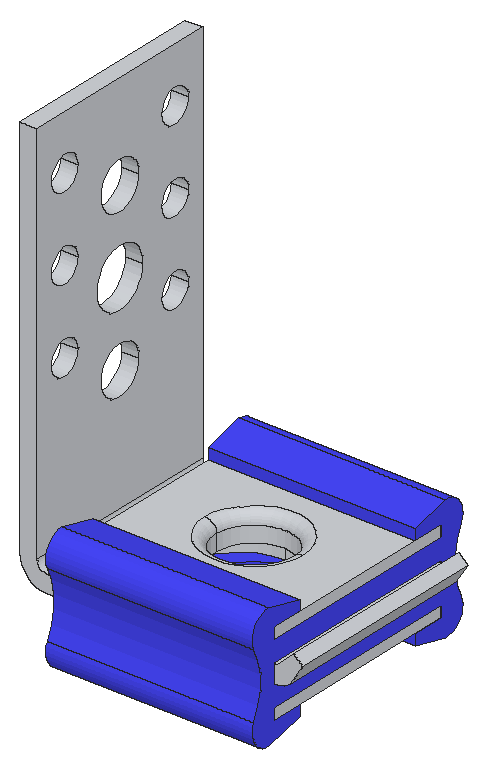
Revit family "Kanalhalter L", category Allgemeines Modell, Revit 2017
Family settings
  Kann Basisbauteil für Bewehrung sein = Nein
  Bemaßung runder Anschluss = Durchmesser verwenden
  Teiletyp = Normal
  Arbeitsebenenbasiert = Ja
  Immer vertikal = Nein
  Beim Laden mit Abzugskörper schneiden = Nein
  Gemeinsam genutzt = Ja
  Raumberechnungspunkt = Nein
Parameters (values of type "Kanalhalter L")
  vpe = "50 St"
  max. zul. Last stehend = 5.00 kN
  max. zul. Last hängend = 0.70 kN
  max. Temperaturbeständigkeit = "100 °C"
  Default Elevation = 1219.2 mm
  Stärke Material = 2.5 mm
  Schalldämmeinlage = "Gummi EPDM"
  Regelhalter [instance] = ""
  Mengeneinheit = "St"
  Länge = 41 mm
  Kurztext2 = "Höhe 60 mm Gummi gesteckt"
  Kurztext1 = "Kanalhalter L"
  Höhe = "60 mm"
  Gewicht pro Bauteil = Gewicht  # 0.0792 kg
  Gewicht = 0.0792 kg
  Firma = "MEFA Befestigungs- und Montagesysteme GmbH"
  Fabrikat = "MEFA"
  EAN = "4250928414977"
  Dämmelementtyp = "gesteckt"
  Breite Material = "30 mm"
  Bauart = "L"
  Ausführung = "leicht"
  Artikelnummer = "05900200"
  Anschluss = "M8/M10"
Reference planes
  plane 1 "Mitte (Vorne/hinten)": y = 0
  plane 2: z = 0
  plane 3 "Mitte (Links/rechts)": x = 0
Dimensions and locks
  aligned and locked: level to plane 2
Nested families
  nested 1: "Kanalhalterwinkel L" at (0, 0, 0), type "MEFA Kanalhalterwinkel L (9000617)"
  nested 2: "Gummipuffer 30x30x15" at (22, 0, 1.25) x (0, 1, 0) z (1, 0, 0), type "Gummipuffer 30x30x15"
  nested 3: "Teller für Kanalhalter" at (22, 0, 3.25) x (-1, 0, 0) z (0, 0, 1), type "Teller für Kanalhalter"
  nested 4: "Teller für Kanalhalter" at (22, 0, -0.75) x (-1, 0, 0) z (0, 0, -1), type "Teller für Kanalhalter"
Definition of nested family "Kanalhalterwinkel L"
  Parameters (values of type "MEFA Kanalhalterwinkel L (9000617)")
    Default Elevation = 1219.2 mm
    Regelhalter [instance] = ""
  Reference planes
    plane 1 "Mitte (Vorne/hinten)": y = 0
    plane 2: z = 0
    plane 3 "Mitte (Links/rechts)": x = 0
  Forms (mm)
    Extrusion 1, solid
      sketch origin (0, 0, 0) x (1, 0, 0) y (0, 0, 1)
        loop
          arc (0, 4) -> (1.172, 1.172) -> (4, 0) r 4
          line (4, 0) -> (37.487, 0)
          arc (37.487, 0) -> (38.456, 0.193) -> (39.277, 0.741) r 2.531
          line (39.277, 0.741) -> (41, 3.525) -> (39.763, 4.763) -> (37.5, 2.5) -> (4, 2.5)
          arc (4, 2.5) -> (2.939, 2.939) -> (2.5, 4) r 1.5
          line (2.5, 4) -> (2.5, 60) -> (0, 60) -> (0, 4)
      from -15 to 15
    Extrusion 2, void
      sketch origin (0, 0, 0) x (0, 1, 0) y (0, 0, 1)
        loop
          circle (-10, 52) r 2.5
        loop
          circle (-10, 40) r 2.5
        loop
          circle (-10, 28) r 2.5
        loop
          circle (10, 52) r 2.5
        loop
          circle (10, 40) r 2.5
        loop
          circle (10, 28) r 2.5
        loop
          circle (0, 46) r 3.5
        loop
          circle (0, 22) r 3.5
        loop
          circle (0, 34) r 4.25
      from 0 to 10
    Extrusion 3, void
      sketch origin (0, 0, 0) x (1, 0, 0) y (0, 1, 0)
        loop
          arc (20, 8) -> (12, 0) -> (20, -8) r 8
          line (20, -8) -> (24, -8)
          arc (24, -8) -> (32, 0) -> (24, 8) r 8
          line (24, 8) -> (20, 8)
      from 0 to 10
  Cuts and joins
    Extrusion 2, Extrusion 3 cuts Extrusion 1
  Dimensions and locks
    aligned and locked: level to plane 2
Definition of nested family "Gummipuffer 30x30x15"
  Parameters (values of type "Gummipuffer 30x30x15")
    Default Elevation = 1219.2 mm
    Regelhalter [instance] = ""
  Reference planes
    plane 1 "Mitte (Vorne/hinten)": y = 0
    plane 2: z = 0
    plane 3 "Mitte (Links/rechts)": x = 0
  Forms (mm)
    Extrusion 1, solid
      sketch origin (0, 0, 0) x (1, 0, 0) y (0, 1, 0)
        loop
          line (0, 1.5) -> (-15.25, 1.5) -> (-15.25, -1.5) -> (0, -1.5) -> (15.25, -1.5) -> (15.25, 1.5) -> (0, 1.5)
        loop
          line (-15.25, 4.5) -> (-15.25, 6.1) -> (-10.5, 6.1) -> (-10.5, 7.6) -> (-16.054, 9)
          arc (-16.054, 9) -> (-18.584, 7.612) -> (-18.773, 4.733) r 3
          arc (-18.773, 4.733) -> (-17.582, 0) -> (-18.773, -4.733) r 10
          arc (-18.773, -4.733) -> (-18.584, -7.612) -> (-16.054, -9) r 3
          line (-16.054, -9) -> (-10.5, -7.6) -> (-10.5, -6.1) -> (-15.25, -6.1) -> (-15.25, -4.5) -> (15.25, -4.5) -> (15.25, -6.1) -> (10.5, -6.1) -> (10.5, -7.6) -> (16.054, -9)
          arc (16.054, -9) -> (18.584, -7.612) -> (18.773, -4.733) r 3
          arc (18.773, -4.733) -> (17.582, 0) -> (18.773, 4.733) r 10
          arc (18.773, 4.733) -> (18.584, 7.612) -> (16.054, 9) r 3
          line (16.054, 9) -> (10.5, 7.6) -> (10.5, 6.1) -> (15.25, 6.1) -> (15.25, 4.5) -> (-15.25, 4.5)
      from -15 to 15
    Extrusion 2, void
      sketch origin (0, 0, 0) x (1, 0, 0) y (0, 0, 1)
        loop
          circle (0, 0) r 7.5
      from -20 to 20
  Cuts and joins
    Extrusion 2 cuts Extrusion 1
  Dimensions and locks
    aligned and locked: level to plane 2
Definition of nested family "Teller für Kanalhalter"
  Parameters (values of type "Teller für Kanalhalter")
    Default Elevation = 1219.2 mm
    Regelhalter [instance] = ""
  Reference planes
    plane 1 "Mitte (Vorne/hinten)": y = 0
    plane 2: z = 0
    plane 3 "Mitte (Links/rechts)": x = 0
  Forms (mm)
    Extrusion 1, solid
      sketch origin (0, 0, 0) x (1, 0, 0) y (0, 1, 0)
        loop
          line (-15, -15) -> (15, -15) -> (15, 15) -> (-15, 15) -> (-15, -15)
        loop
          circle (0, 0) r 5.5
      from 0 to 4
    Extrusion 2, void
      sketch origin (0, 0, 0) x (1, 0, 0) y (0, 1, 0)
        loop
          circle (0, 0) r 7.5
        loop
          line (-15, -15) -> (15, -15) -> (15, 15) -> (-15, 15) -> (-15, -15)
      from 0 to 2.5
    Revolve 3, void
      sketch origin (0, 0, 0) x (1, 0, 0) y (0, 0, 1)
        loop
          line (11.221, 6.025) -> (2.224, 6.025) -> (2.224, 0.846) -> (5.5, 0.846) -> (5.5, 2.376)
          arc (5.5, 2.376) -> (5.976, 3.524) -> (7.124, 4) r 1.624
          line (7.124, 4) -> (11.221, 4) -> (11.221, 6.025)
        axis (0, 6.025) -> (0, 0.846)
      angle from 0 to 360
  Cuts and joins
    Extrusion 2, Revolve 3 cuts Extrusion 1
  Dimensions and locks
    aligned and locked: level to plane 2
